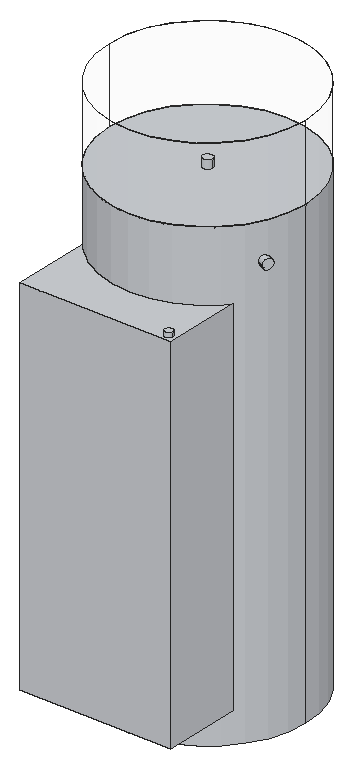
Revit family
Parameters (values of type "HS(Voltage)54 080 1 Phase")
  Wattage = KW * 1000 VA  # 54000 VA
  Water inlet length = Radius + 1"  # 13 3/4"
  VOLTAGE = 208 V
  Total Amps = KW * 1000 V / VOLTAGE  # 259.6154
  Top Clearance = 9 3/4"
  SES BIM Studio # = "201264902-41.1"
  URL = "http://www.lochinvar.com/products/Default.aspx?type=ProductLine&lineID=30"
  Panel Width = B_DIAMETER - 6"  # 19 1/2"
  Panel Depth = 13 7/8"
  Number of Poles = 2
  Model = "HS (X) 54 080"
  Manufacturer = "Lochinvar"
  MODEL NO. = "HS (Voltage) 54 080"
  KW = 54
  GALLON CAPACITY = "80"
  C_OVERALL DEPTH = 31"
  CONTINUOUS DELIVERY (GPH) = "221"
  B_DIAMETER = Radius * 2  # 25 1/2"
  A_HEIGHT = 60 1/4"
  Description = ""
  Fuel Type = ""
  Radius = 12 3/4"
  # OF ELEMENTS = "9"
Types (14): name | Wattage | Total Amps | Model | MODEL NO. | KW | CONTINUOUS DELIVERY (GPH) | # OF ELEMENTS
  (no name) | 54000 VA | 259.6154 | "HS (X) 54 080" | "HS (Voltage) 54 080" | 54 | "221" | "9"
  HS(Voltage)18 080 1 Phase | 18000 VA | 86.5385 | "HS (X) 18 080" | "HS (Voltage) 18 080" | 18 | "74" | "3"
  HS(Voltage)06 080 1 Phase | 6000 VA | 28.8462 | "HS (X) 6 080" | "HS (Voltage) 6 080" | 6 | "25" | "3"
  HS(Voltage)09 080 1 Phase | 9000 VA | 43.2692 | "HS (X) 9 080" | "HS (Voltage) 9 080" | 9 | "37" | "3"
  HS(Voltage)12 080 1 Phase | 12000 VA | 57.6923 | "HS (X) 12 080" | "HS (Voltage) 12 080" | 12 | "49" | "3"
  HS(Voltage)13.5 080 1 Phase | 13500 VA | 64.9038 | "HS (X) 13.5 080" | "HS (Voltage) 13.5 080" | 13.5 | "55" | "3"
  HS(Voltage)15 080 1 Phase | 15000 VA | 72.1154 | "HS (X) 15 080" | "HS (Voltage) 15 080" | 15 | "61" | "3"
  HS(Voltage)24 080 1 Phase | 24000 VA | 115.3846 | "HS (X) 24 080" | "HS (Voltage) 24 080" | 24 | "98" | "6"
  HS(Voltage)27 080 1 Phase | 27000 VA | 129.8077 | "HS (X) 27 080" | "HS (Voltage) 27 080" | 27 | "111" | "6"
  HS(Voltage)30 080 1 Phase | 30000 VA | 144.2308 | "HS (X) 30 080" | "HS (Voltage) 30 080" | 30 | "123" | "6"
  HS(Voltage)36 080 1 Phase | 36000 VA | 173.0769 | "HS (X) 36 080" | "HS (Voltage) 36 080" | 36 | "148" | "6"
  HS(Voltage)40 080 1 Phase | 40000 VA | 192.3077 | "HS (X) 40 080" | "HS (Voltage) 40 080" | 40 | "166" | "9"
  HS(Voltage)45 080 1 Phase | 45000 VA | 216.3462 | "HS (X) 45 080" | "HS (Voltage) 45 080" | 45 | "194" | "9"
  HS(Voltage)54 080 1 Phase | 54000 VA | 259.6154 | "HS (X) 54 080" | "HS (Voltage) 54 080" | 54 | "221" | "9"
Reference planes (in)
  plane 1 "Center (Front/Back)": y = 6.125
  plane 2: z = 0
  plane 3 "Center (Left/Right)": x = -1.39218
  plane 4 "Top": z = 60.25
  plane 5 "Top Clearance": z = 70
  plane 6 "Panel right": x = 8.35782
  plane 7 "Panel left": x = -11.14218
  plane 8 "Panel Face": y = -12.125
  plane 9: y = 18.875
  plane 10 "Panel top": z = 51.25
  plane 11 "Panel bottom": z = 4
  plane 12 "Water inlet anchor": through (-1.39218, 6.125, 48) normal (-0.9063, 0.4226, 0)
  plane 13 "Water inlet end": through (11.06955, 0.314, 48) normal (-0.9063, 0.4226, 0)
  plane 14: through (-1.39218, 6.125, 48) normal (-0.9063, -0.4226, 0)
  plane 15: through (-13.85391, 0.314, 48) normal (-0.9063, -0.4226, 0)
  plane 16: z = 5.25
Forms (in)
  Extrusion 1, solid
    sketch origin (0, 0, 0) x (1, 0, 0) y (0, 1, 0)
      loop
        circle (-1.39218, 6.125) r 12.75
    from 0 to 60.25
  Extrusion 2, solid, material "Clearance"
    sketch origin (0, 0, 60.25) x (-1, 0, 0) y (0, -1, 0)
      loop
        circle (1.39218, -6.125) r 12.75
    from 0 to 9.75
  Extrusion 3, solid
    sketch origin (-1.39218, 0, 0) x (0, 1, 0) y (0, 0, 1)
      loop
        line (6.125, 4) -> (6.125, 51.25) -> (-12.125, 51.25) -> (-12.125, 4) -> (6.125, 4)
    from 9.75 to -9.75
  Extrusion 4, solid
    sketch origin (0, 0, 60.25) x (-1, 0, 0) y (0, -1, 0)
      loop
        circle (1.39218, -6.125) r 0.625
    from 0 to 1
  Extrusion 5, solid
    sketch origin (0, 0, 51.25) x (-1, 0, 0) y (0, -1, 0)
      loop
        circle (-7.35782, 11.125) r 0.5
    from 0 to 0.5
  Extrusion 6, solid
    sketch origin (-4.99757, -2.51609, -1.07813) x (-0.422618, -0.906308, 0) y (0, 0, 1)
      loop
        circle (-9.35519, 6.3358) r 0.625
    from 0.38429 to -11.49071
  Extrusion 7, solid
    sketch origin (-0.30555, -3.58256, -1.07813) x (0.422618, -0.906308, 0) y (0, 0, -1)
      loop
        circle (-9.25727, -6.3358) r 0.625
    from 3.11777 to -10.63223
  Extrusion 8, solid
    sketch origin (-4.99757, -2.51609, 44.92188) x (-0.422618, -0.906308, 0) y (0, 0, 1)
      loop
        circle (-9.35519, 10.8358) r 0.625
    from 0.38429 to -13.36571
Lines and regions (in)
  model lines, style "MechanicalEquipment"
    curve 1: line (-7.26718, -12.125, 48.25) -> (4.48282, -12.125, 48.25)
    curve 2: line (4.48282, -12.125, 48.25) -> (4.48282, -12.125, 45.25)
    curve 3: line (-7.26718, -12.125, 45.25) -> (4.48282, -12.125, 45.25)
    curve 4: line (-7.26718, -12.125, 48.25) -> (-7.26718, -12.125, 45.25)
Dimensions and locks (in)
  "A_HEIGHT": plane 4 "Top" to level
  "Top Clearance": plane 5 "Top Clearance" to plane 4 "Top"
  equal spacing: plane 7 "Panel left", plane 3 "Center (Left/Right)", plane 6 "Panel right"
  "Panel Width": plane 7 "Panel left" to plane 6 "Panel right"
  "Radius": plane 9 to Extrusion 3
  "C_OVERALL DEPTH": plane 8 "Panel Face" to plane 9
  locked: plane 11 "Panel bottom" to plane 2 at 4
  "Water inlet length": plane 12 "Water inlet anchor" to plane 13 "Water inlet end"
  "Water inlet length": plane 14 to plane 15
  "Radius": radius of Extrusion 1 sketch curve
  "Radius": radius of Extrusion 2 sketch curve
  aligned and locked: plane 4 "Top" to Extrusion 1
  aligned and locked: plane 5 "Top Clearance" to Extrusion 2
  aligned and locked: plane 6 "Panel right" to Extrusion 3
  aligned and locked: Extrusion 3 to plane 7 "Panel left"
  aligned and locked: plane 8 "Panel Face" to Extrusion 3
  aligned and locked: Extrusion 3 to plane 1 "Center (Front/Back)"
  aligned and locked: plane 10 "Panel top" to Extrusion 3
  aligned and locked: Extrusion 3 to plane 11 "Panel bottom"
  aligned and locked: Extrusion 8 to plane 13 "Water inlet end"
  aligned and locked: Extrusion 7 to plane 15
Automatic sketch dimensions
  plane 1 "Center (Front/Back)" to Extrusion 1 sketch curve = 0"
  Extrusion 1 sketch curve to plane 3 "Center (Left/Right)" = 0"
  plane 1 "Center (Front/Back)" to Extrusion 2 sketch curve = 0"
  Extrusion 2 sketch curve to plane 3 "Center (Left/Right)" = 0"
  Extrusion 3 sketch curve to plane 8 "Panel Face" = 0"
  Extrusion 3 sketch curve to plane 1 "Center (Front/Back)" = 0"
  Extrusion 3 sketch curve to plane 11 "Panel bottom" = 0"
  Extrusion 3 sketch curve to plane 10 "Panel top" = 0"
  plane 1 "Center (Front/Back)" to Extrusion 4 sketch curve = 0"
  Extrusion 4 sketch curve to plane 3 "Center (Left/Right)" = 0"
  Extrusion 5 sketch curve to plane 6 "Panel right" = 1"
  Extrusion 5 sketch curve to plane 8 "Panel Face" = 1"
  plane 16 to Extrusion 6 sketch curve = 0.00768"
  Extrusion 7 sketch curve to plane 16 = 0.00768"
  plane 7 "Panel left" to curve 4 = 3 7/8"
  curve 3 to plane 6 "Panel right" = 3 7/8"
  curve 3 to plane 10 "Panel top" = 6"
  curve 2 to plane 10 "Panel top" = 3"
  Extrusion 8 sketch curve to plane 4 "Top" = 4.49232"
  radius of Extrusion 4 sketch curve = 5/8"
  radius of Extrusion 5 sketch curve = 1/2"
  radius of Extrusion 6 sketch curve = 5/8"
  radius of Extrusion 7 sketch curve = 5/8"
  radius of Extrusion 8 sketch curve = 5/8"
Connectors (in)
  piping at (-1.39218, 6.125, 61.25)
    settings: on Extrusion 4, index 1, connector radius 5/8", flow factor 0, pipe flow 0 GPM, pressure drop 0.00 psi, fitting loss kfactor 0, connector angle 0.00°, fixture units 0, flow configuration 0, flow direction 0, fitting loss method 0, system type 19, connector reference index -1, connector utility 0, adjustable connector no, is connector primary yes, fitting loss table "", connector description "Water Outlet"
  piping at (-13.85391, 0.314, 5.25768)
    settings: on Extrusion 7, index 5, connector radius 3/8", flow factor 0, pipe flow 0 GPM, pressure drop 0.00 psi, fitting loss kfactor 0, connector angle 0.00°, fixture units 0, flow configuration 1, flow direction 2, fitting loss method 0, system type 16, connector reference index -1, connector utility 0, adjustable connector no, is connector primary no, fitting loss table "", connector description ""
  piping at (9.37023, 1.10641, 5.25768)
    settings: on Extrusion 6, index 6, connector radius 5/8", flow factor 0, pipe flow 0 GPM, pressure drop 0.00 psi, fitting loss kfactor 0, connector angle 0.00°, fixture units 0, flow configuration 0, flow direction 1, fitting loss method 0, system type 20, connector reference index -1, connector utility 0, adjustable connector no, is connector primary no, fitting loss table "", connector description "Water Inlet"
  electrical at (7.35782, -11.125, 51.75), driven by "Wattage", driven by "VOLTAGE", driven by "Number of Poles"
    settings: on Extrusion 5, index 7, voltage 208 V, apparent load 54000 VA, apparent load phase1 0 VA, apparent load phase2 0 VA, apparent load phase3 0 VA, power factor 1, load classification "Other", number of poles 2, system type 30, power factor state 1, is connector primary yes, connector utility no, sub classification motor no, connector description "Electrical"
